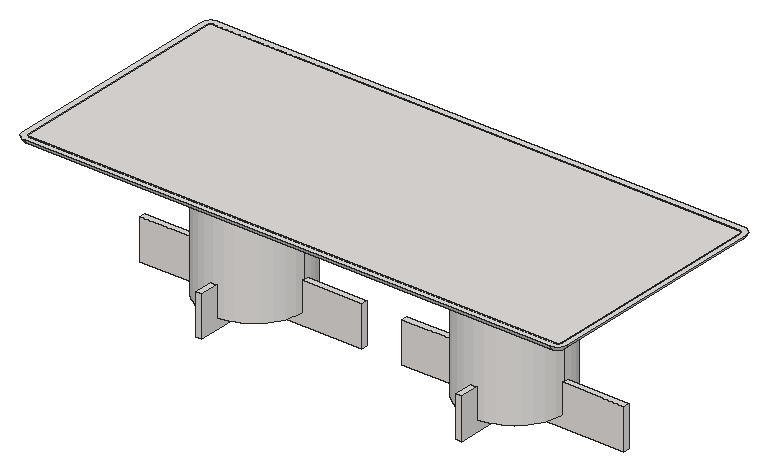
Revit family "MESA DE JANTAR CRUZ 270x120x75", category Modelos genéricos, Revit 2024
Family settings
  Pode hospedar o vergalhão = Não
  Cota do conector redondo = Utilizar diâmetro
  Tipo de parte = Normal
  Com base no plano de trabalho = Não
  Sempre na vertical = Não
  Corte com vazios quando carregada = Não
  Manter orientação da anotação = Não
  Compartilhado = Não
  Ponto de cálculo do ambiente = Não
Parameters
  Elevação padrão = 0 m
Reference planes (m)
  plane 1 "Centro (Frente/Trás)": y = 0
  plane 2: z = -0.179952
  plane 3 "Centro (Esquerda/Direita)": x = 0
  plane 4: z = 0.580048
Forms (m)
  Extrusion 1, solid, not visible
    sketch origin (5.53069, 0.24, 0) x (0, 1, 0) y (0, 0, 1)
      loop
        line (-0.941493, 0) -> (-0.888285, 0) -> (-0.628349, 0.714166) -> (-0.681558, 0.714166) -> (-0.941493, 0)
    from 0 to 0.25
  Extrusion 2, solid, not visible
    sketch origin (5.53069, -0.24, 0) x (0, -1, 0) y (0, 0, -1)
      loop
        line (-0.941493, 0) -> (-0.681558, -0.714166) -> (-0.628349, -0.714166) -> (-0.888285, 0) -> (-0.941493, 0)
    from 0 to 0.25
  Extrusion 3, solid, not visible
    sketch origin (5.67069, 0, 0) x (0, 1, 0) y (0, 0, 1)
      loop
        line (-0.441558, 0.714166) -> (-0.441558, 0.664166) -> (0.419522, 0.664166) -> (0.419522, 0.714166) -> (-0.441558, 0.714166)
    from -0.14 to 0.11
  Extrusion 4, solid, not visible
    sketch origin (5.67069, 0, -0.5) x (0, 1, 0) y (0, 0, 1)
      loop
        line (-0.620478, 0.844166) -> (-0.620478, 0.744166) -> (0.629297, 0.744166) -> (0.629297, 0.844166) -> (-0.620478, 0.844166)
    from -0.04 to 0.01
  Extrusion 5, solid, not visible
    sketch origin (5.1, 0.015, -0.4) x (-1, 0, 0) y (0, 0, 1)
      loop
        line (-2.315001, 0.855004) -> (-2.315001, 0.695806) -> (0.741492, 0.695806) -> (0.741492, 0.855004) -> (-2.315001, 0.855004)
    from -0.04 to 0.01
  Extrusion 6, solid, not visible
    sketch origin (9.69612, 5.076919, -0.179952) x (-1, 0, 0) y (0, 0, 1)
      loop
        line (-0.941493, 0) -> (-0.888285, 0) -> (-0.628349, 0.714166) -> (-0.681558, 0.714166) -> (-0.941493, 0)
    from 0 to 0.25
  Extrusion 7, solid, not visible
    sketch origin (8.522613, 5.076919, -0.179952) x (1, 0, 0) y (0, 0, -1)
      loop
        line (-0.941493, 0) -> (-0.681558, -0.714166) -> (-0.628349, -0.714166) -> (-0.888285, 0) -> (-0.941493, 0)
    from 0 to 0.25
  Extrusion 8, solid, not visible
    sketch origin (8.347613, 5.201919, -0.179952) x (0, 1, 0) y (0, 0, 1)
      loop
        line (-0.125, 0.714166) -> (-0.125, 0.664166) -> (0.125, 0.664166) -> (0.125, 0.714166) -> (-0.125, 0.714166)
    from -0.484289 to 2.01
  Sweep 9, void, not visible
    path in 3D
      loop
        line (5.78069, 0.701493, 0) -> (5.78069, 0.438138, 0.723563)
    profile origin (5.78069, 0.569816, 0.361782) x (0, -0.939693, -0.34202) y (1, 0, 0)
      loop
        line (0, 0) -> (0, -0.014281) -> (0.01, 0) -> (0, 0)
  Sweep 10, void, not visible
    path in 3D
      loop
        line (5.53069, 0.701493, 0) -> (5.53069, 0.438138, 0.723563)
    profile origin (5.53069, 0.569816, 0.361782) x (0, 0.939693, 0.34202) y (-1, 0, 0)
      loop
        line (0, 0) -> (-0.01, 0) -> (0, -0.014281) -> (0, 0)
  Sweep 11, void, not visible
    path in 3D
      loop
        line (5.78069, -0.701493, 0) -> (5.78069, -0.438138, 0.723563)
    profile origin (5.78069, -0.569816, 0.361782) x (0, -0.939693, 0.34202) y (1, 0, 0)
      loop
        line (0, 0) -> (-0.01, 0) -> (0, -0.014281) -> (0, 0)
  Sweep 12, void, not visible
    path in 3D
      loop
        line (5.53069, -0.701493, 0) -> (5.53069, -0.438138, 0.723563)
    profile origin (5.53069, -0.569816, 0.361782) x (0, 0.939693, -0.34202) y (-1, 0, 0)
      loop
        line (0, 0) -> (0, -0.014281) -> (0.01, 0) -> (0, 0)
  Extrusion 13, void, not visible
    sketch origin (5.68069, 0, -0.5) x (0, -1, 0) y (0, 0, 1)
      loop
        line (0.68292, 0.889109) -> (0.559869, 0.889109) -> (0.617739, 0.730113) -> (0.68292, 0.730113) -> (0.68292, 0.889109)
    from 0 to 0.25
  Extrusion 14, void, not visible
    sketch origin (5.68069, -0.000404, -0.5) x (0, 1, 0) y (0, 0, -1)
      loop
        line (0.68292, -0.889109) -> (0.68292, -0.730113) -> (0.618143, -0.730113) -> (0.560273, -0.889109) -> (0.68292, -0.889109)
    from 0 to 0.295715
  Extrusion 15, solid, material ".LR-FREIJO"
    sketch origin (-3.055718, 0.013291, 0.550048) x (1, 0, 0) y (0, 1, 0)
      loop
        line (4.447645, 0.755178) -> (1.847645, 0.755178)
        arc (1.847645, 0.755178) -> (1.833503, 0.74932) -> (1.827645, 0.735178) r 0.02
        line (1.827645, 0.735178) -> (1.827645, -0.364822)
        arc (1.827645, -0.364822) -> (1.833503, -0.378964) -> (1.847645, -0.384822) r 0.02
        line (1.847645, -0.384822) -> (4.447645, -0.384822)
        arc (4.447645, -0.384822) -> (4.461787, -0.378964) -> (4.467645, -0.364822) r 0.02
        line (4.467645, -0.364822) -> (4.467645, 0.735178)
        arc (4.467645, 0.735178) -> (4.461787, 0.74932) -> (4.447645, 0.755178) r 0.02
    from 0 to 0.03
  Extrusion 16, solid, material ".LR-FREIJO"
    sketch origin (-0.544747, 0.203469, -0.549952) x (-1, 0, 0) y (0, 0, 1)
      loop
        line (-0.536673, 0.57) -> (-0.536673, 0.37) -> (0.563284, 0.37) -> (0.563284, 0.57) -> (-0.536673, 0.57)
    from -0.02 to 0.01
  Extrusion 17, solid, material ".LR-FREIJO"
    sketch origin (-4.821464, -2.55496, -0.179952) x (1, 0, 0) y (0, 1, 0)
      loop
        circle (4.26839, 2.753428) r 0.25
    from 0.054757 to 0.73
  Extrusion 18, solid, material ".LR-FREIJO"
    sketch origin (-0.548074, 0.247863, -0.679952) x (0, 1, 0) y (0, 0, 1)
      loop
        line (-0.394394, 0.7) -> (-0.394394, 0.5) -> (0.295606, 0.5) -> (0.295606, 0.7) -> (-0.394394, 0.7)
    from -0.02 to 0.01
  Sweep 19, solid, material ".LR-FREIJO"
    path origin (-2.925716, 0.013291, 0.580048) x (1, 0, 0) y (0, 1, 0)
      loop
        line (4.317642, 0.755178) -> (1.717642, 0.755178)
        arc (1.717642, 0.755178) -> (1.7035, 0.74932) -> (1.697642, 0.735178) r 0.02
        line (1.697642, 0.735178) -> (1.697642, -0.364822)
        arc (1.697642, -0.364822) -> (1.7035, -0.378964) -> (1.717642, -0.384822) r 0.02
        line (1.717642, -0.384822) -> (4.317642, -0.384822)
        arc (4.317642, -0.384822) -> (4.331784, -0.378964) -> (4.337642, -0.364822) r 0.02
        line (4.337642, -0.364822) -> (4.337642, 0.735178)
        arc (4.337642, 0.735178) -> (4.331784, 0.74932) -> (4.317642, 0.755178) r 0.02
    profile origin (0.091926, 0.768469, 0.580048) x (0, -1, 0) y (0, 0, 1)
      loop
        line (0, 0) -> (-0.03, 0)
        arc (-0.03, 0) -> (-0.01774, -0.01774) -> (0, -0.03) r 0.06
        line (0, -0.03) -> (0, 0)
  Extrusion 20, solid, material ".LR-FREIJO"
    sketch origin (0.728642, 0.203469, -0.549952) x (1, 0, 0) y (0, 0, -1)
      loop
        line (-0.536673, -0.57) -> (0.563284, -0.57) -> (0.563284, -0.37) -> (-0.536673, -0.37) -> (-0.536673, -0.57)
    from -0.02 to 0.01
  Extrusion 21, solid, material ".LR-FREIJO"
    sketch origin (5.005359, -2.55496, -0.179952) x (-1, 0, 0) y (0, -1, 0)
      loop
        circle (4.26839, -2.753428) r 0.25
    from 0.054757 to 0.73
  Extrusion 22, solid, material ".LR-FREIJO"
    sketch origin (0.731969, 0.247863, -0.679952) x (0, 1, 0) y (0, 0, -1)
      loop
        line (-0.394394, -0.7) -> (0.295606, -0.7) -> (0.295606, -0.5) -> (-0.394394, -0.5) -> (-0.394394, -0.7)
    from -0.02 to 0.01
Cuts and joins
  joined: Extrusion 16, Extrusion 17, Extrusion 18
  joined: Extrusion 20, Extrusion 21, Extrusion 22
Lines and regions (m)
  sketch lines, not visible
    curve 1: line (5.78069, 0.701493, 0) -> (5.78069, 0.438138, 0.723563)
    curve 2: line (5.53069, 0.701493, 0) -> (5.53069, 0.438138, 0.723563)
    curve 3: line (5.78069, -0.701493, 0) -> (5.78069, -0.438138, 0.723563)
    curve 4: line (5.53069, -0.701493, 0) -> (5.53069, -0.438138, 0.723563)
Dimensions and locks (m)
  plane 4 to level = 0.76 m
  aligned and locked: level to plane 2
